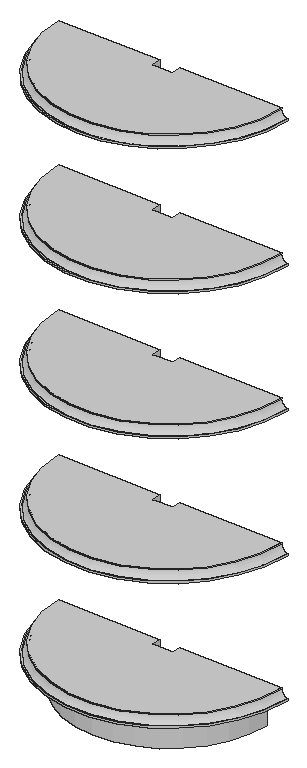
Revit family "RS3", category Specialty Equipment, Revit 2012
Parameters (values of type "Round Metal Shelf (Default)")
  Width = 1' - 2"
  URL = "http://www.madixinc.com/display/maxiline/ygondola/index.html"
  Model = "Y-Gondola"
  Manufacturer = "© 2012 Madix, Inc. All rights reserved."
  Base Shelf [instance] = yes
  2' Shelf [instance] = yes
  3' 6" Shelf [instance] = yes
  5' Shelf [instance] = yes
  6' 6" Shelf [instance] = yes
Reference planes (in)
  plane 1 "Center (Front/Back)": y = 0
  plane 2: z = 0
  plane 3 "Center (Left/Right)": x = 0
  plane 4: x = -16.25
  plane 5: x = 16.25
  plane 6: x = -13.375
  plane 7: x = 13.375
  plane 8: z = 5.5
  plane 9: z = 4.125
  plane 10: x = -15.375
  plane 11: x = 15.375
  plane 12: z = 23.5
  plane 13: z = 41.5
  plane 14: z = 59.5
  plane 15: z = 77.5
  plane 16: x = -1.375
  plane 17: z = 22.125
  plane 18: z = 40.125
  plane 19: z = 58.125
  plane 20: z = 76.125
Forms (in)
  Extrusion 1, solid, material "Metal - Steel", visible <- "Base Shelf"
    sketch origin (1.75, 0, 0) x (1, 0, 0) y (0, 1, 0)
      loop
        arc (-15.125, 0) -> (-1.75, -13.375) -> (11.625, 0) r 13.375
        line (11.625, 0) -> (-0.375, 0) -> (-0.375, -1.25) -> (-3.125, -1.25) -> (-3.125, 0) -> (-15.125, 0)
    from 0 to 4.125
  Extrusion 2, solid, material "Metal - Steel", visible <- "Base Shelf"
    sketch origin (0, 0, 0) x (1, 0, 0) y (0, 1, 0)
      loop
        arc (-15.25, 0) -> (0, -15.25) -> (15.25, 0) r 15.25
        line (15.25, 0) -> (1.375, 0) -> (1.375, -1.25) -> (-1.375, -1.25) -> (-1.375, 0) -> (-15.25, 0)
    from 4.125 to 5.5
  Extrusion 3, solid, material "Metal - Steel", visible <- "2' Shelf"
    sketch origin (0, 0, 0) x (1, 0, 0) y (0, 1, 0)
      loop
        line (15.25, 0) -> (1.375, 0) -> (1.375, -1.25) -> (-1.375, -1.25) -> (-1.375, 0) -> (-15.25, 0)
        arc (-15.25, 0) -> (0, -15.25) -> (15.25, 0) r 15.25
    from 22.125 to 23.5
  Extrusion 4, solid, material "Metal - Steel", visible <- "3' 6" Shelf"
    sketch origin (0, 0, 0) x (1, 0, 0) y (0, 1, 0)
      loop
        arc (-15.25, 0) -> (0, -15.25) -> (15.25, 0) r 15.25
        line (15.25, 0) -> (1.375, 0) -> (1.375, -1.25) -> (-1.375, -1.25) -> (-1.375, 0) -> (-15.25, 0)
    from 40.125 to 41.5
  Extrusion 5, solid, material "Metal - Steel", visible <- "5' Shelf"
    sketch origin (0, 0, 0) x (1, 0, 0) y (0, 1, 0)
      loop
        line (15.25, 0) -> (1.375, 0) -> (1.375, -1.25) -> (-1.375, -1.25) -> (-1.375, 0) -> (-15.25, 0)
        arc (-15.25, 0) -> (0, -15.25) -> (15.25, 0) r 15.25
    from 58.125 to 59.5
  Extrusion 6, solid, material "Metal - Steel", visible <- "6' 6" Shelf"
    sketch origin (0, 0, 0) x (1, 0, 0) y (0, 1, 0)
      loop
        line (15.25, 0) -> (1.375, 0) -> (1.375, -1.25) -> (-1.375, -1.25) -> (-1.375, 0) -> (-15.25, 0)
        arc (-15.25, 0) -> (0, -15.25) -> (15.25, 0) r 15.25
    from 76.125 to 77.5
  Sweep 7, solid, material "Metal - Steel", visible <- "Base Shelf"
    path in 3D
      loop
        arc (15.25, 0, 5.5) -> (0, -15.25, 5.5) -> (-15.25, 0, 5.5) r 15.25
    profile origin (0, -15.25, 5.5) x (0, -1, 0) y (0, 0, 1)
      loop
        line (0, 0) -> (0, -1.375) -> (1, -1.375) -> (1, -1.125) -> (0.875, -1.125) -> (0.875, -1.25)
        arc (0.875, -1.25) -> (0.38696, -0.76286) -> (0.125, -0.125) r 1.75
        line (0.125, -0.125) -> (0.25, -0.125) -> (0.25, 0) -> (0, 0)
  Sweep 8, solid, material "Metal - Steel", visible <- "2' Shelf"
    path in 3D
      loop
        arc (15.25, 0, 23.5) -> (0, -15.25, 23.5) -> (-15.25, 0, 23.5) r 15.25
    profile origin (0, -15.25, 23.5) x (0, -1, 0) y (0, 0, 1)
      loop
        line (0.25, 0) -> (0, 0) -> (0, -1.375) -> (1, -1.375) -> (1, -1.125) -> (0.875, -1.125) -> (0.875, -1.25)
        arc (0.875, -1.25) -> (0.38696, -0.76286) -> (0.125, -0.125) r 1.75
        line (0.125, -0.125) -> (0.25, -0.125) -> (0.25, 0)
  Sweep 9, solid, material "Metal - Steel", visible <- "3' 6" Shelf"
    path in 3D
      loop
        arc (15.25, 0, 41.5) -> (0, -15.25, 41.5) -> (-15.25, 0, 41.5) r 15.25
    profile origin (0, -15.25, 41.5) x (0, -1, 0) y (0, 0, 1)
      loop
        line (0.125, -0.125) -> (0.25, -0.125) -> (0.25, 0) -> (0, 0) -> (0, -1.375) -> (1, -1.375) -> (1, -1.125) -> (0.875, -1.125) -> (0.875, -1.25)
        arc (0.875, -1.25) -> (0.38696, -0.76286) -> (0.125, -0.125) r 1.75
  Sweep 10, solid, material "Metal - Steel", visible <- "5' Shelf"
    path in 3D
      loop
        arc (15.25, 0, 59.5) -> (0, -15.25, 59.5) -> (-15.25, 0, 59.5) r 15.25
    profile origin (0, -15.25, 59.5) x (0, -1, 0) y (0, 0, 1)
      loop
        line (0.125, -0.125) -> (0.25, -0.125) -> (0.25, 0) -> (0, 0) -> (0, -1.375) -> (1, -1.375) -> (1, -1.125) -> (0.875, -1.125) -> (0.875, -1.25)
        arc (0.875, -1.25) -> (0.38696, -0.76286) -> (0.125, -0.125) r 1.75
  Sweep 11, solid, material "Metal - Steel", visible <- "6' 6" Shelf"
    path in 3D
      loop
        arc (15.25, 0, 77.5) -> (0, -15.25, 77.5) -> (-15.25, 0, 77.5) r 15.25
    profile origin (0, -15.25, 77.5) x (0, -1, 0) y (0, 0, 1)
      loop
        line (0.125, -0.125) -> (0.25, -0.125) -> (0.25, 0) -> (0, 0) -> (0, -1.375) -> (1, -1.375) -> (1, -1.125) -> (0.875, -1.125) -> (0.875, -1.25)
        arc (0.875, -1.25) -> (0.38696, -0.76286) -> (0.125, -0.125) r 1.75
Cuts and joins
  joined: Extrusion 1, Extrusion 2, Sweep 7
  joined: Extrusion 3, Sweep 8
  joined: Extrusion 4, Sweep 9
  joined: Extrusion 5, Sweep 10
  joined: Extrusion 6, Sweep 11
Lines and regions (in)
  sketch lines
    curve 1: arc (15.25, 0, 5.5) -> (0, -15.25, 5.5) -> (-15.25, 0, 5.5) r 15.25
    curve 2: arc (15.25, 0, 23.5) -> (0, -15.25, 23.5) -> (-15.25, 0, 23.5) r 15.25
    curve 3: arc (15.25, 0, 41.5) -> (0, -15.25, 41.5) -> (-15.25, 0, 41.5) r 15.25
    curve 4: arc (15.25, 0, 59.5) -> (0, -15.25, 59.5) -> (-15.25, 0, 59.5) r 15.25
    curve 5: arc (15.25, 0, 77.5) -> (0, -15.25, 77.5) -> (-15.25, 0, 77.5) r 15.25
Dimensions and locks (in)
  equal spacing: plane 4, plane 3 "Center (Left/Right)", plane 5
  "Width": plane 10 to plane 16
  locked: plane 4 to plane 6 at 2.875
  locked: plane 7 to plane 5 at 2.875
  locked: plane 4 to plane 10 at 0.875
  locked: plane 11 to plane 5 at 0.875
  locked: plane 16 to plane 3 "Center (Left/Right)" at 1.375
  aligned and locked: level to plane 2
  aligned and locked: plane 6 to Extrusion 1
  aligned and locked: plane 7 to Extrusion 1
  aligned and locked: plane 16 to Extrusion 1
Automatic sketch dimensions
  Extrusion 1 sketch curve to plane 3 "Center (Left/Right)" = 0' - 0"
  Extrusion 1 sketch curve to plane 3 "Center (Left/Right)" = 0' - 1 3/8"
  plane 3 "Center (Left/Right)" to Extrusion 1 sketch curve = 0' - 1 3/8"
  Extrusion 1 sketch curve to Extrusion 1 sketch curve = 0' - 1 1/4"
  plane 1 "Center (Front/Back)" to Extrusion 1 sketch curve = 0' - 0"
  plane 4 to Extrusion 1 sketch curve = 0' - 2 7/8"
  plane 1 "Center (Front/Back)" to Extrusion 2 sketch curve = 0' - 0"  (x2)
  Extrusion 2 sketch curve to plane 3 "Center (Left/Right)" = 0' - 0"
  Extrusion 2 sketch curve to plane 3 "Center (Left/Right)" = 0' - 1 3/8"
  plane 4 to Extrusion 2 sketch curve = 0' - 1"
  plane 3 "Center (Left/Right)" to Extrusion 2 sketch curve = 0' - 1 3/8"
  Extrusion 2 sketch curve to Extrusion 2 sketch curve = 0' - 1 1/4"
  Extrusion 3 sketch curve to plane 16 = 0' - 0"
  Extrusion 3 sketch curve to plane 3 "Center (Left/Right)" = 0' - 0"
  plane 1 "Center (Front/Back)" to Extrusion 3 sketch curve = 0' - 0"
  plane 10 to Extrusion 3 sketch curve = 0' - 0 1/8"
  plane 3 "Center (Left/Right)" to Extrusion 3 sketch curve = 0' - 1 3/8"
  Extrusion 3 sketch curve to Extrusion 3 sketch curve = 0' - 1 1/4"
  plane 1 "Center (Front/Back)" to Extrusion 4 sketch curve = 0' - 0"
  Extrusion 4 sketch curve to plane 16 = 0' - 0"
  Extrusion 4 sketch curve to plane 3 "Center (Left/Right)" = 0' - 0"
  plane 10 to Extrusion 4 sketch curve = 0' - 0 1/8"
  plane 3 "Center (Left/Right)" to Extrusion 4 sketch curve = 0' - 1 3/8"
  Extrusion 4 sketch curve to Extrusion 4 sketch curve = 0' - 1 1/4"
  Extrusion 5 sketch curve to plane 16 = 0' - 0"
  Extrusion 5 sketch curve to plane 3 "Center (Left/Right)" = 0' - 0"
  plane 1 "Center (Front/Back)" to Extrusion 5 sketch curve = 0' - 0"
  plane 10 to Extrusion 5 sketch curve = 0' - 0 1/8"
  plane 3 "Center (Left/Right)" to Extrusion 5 sketch curve = 0' - 1 3/8"
  Extrusion 5 sketch curve to Extrusion 5 sketch curve = 0' - 1 1/4"
  Extrusion 6 sketch curve to plane 16 = 0' - 0"
  Extrusion 6 sketch curve to plane 3 "Center (Left/Right)" = 0' - 0"
  plane 1 "Center (Front/Back)" to Extrusion 6 sketch curve = 0' - 0"
  plane 10 to Extrusion 6 sketch curve = 0' - 0 1/8"
  plane 3 "Center (Left/Right)" to Extrusion 6 sketch curve = 0' - 1 3/8"
  Extrusion 6 sketch curve to Extrusion 6 sketch curve = 0' - 1 1/4"
  Sweep 7 sketch curve to profile plane = 0' - 0"  (x2)
  Sweep 7 sketch curve to profile plane = 0' - 0 1/8"  (x2)
  Sweep 7 sketch curve to Sweep 7 sketch curve = 0' - 0 1/8"  (x4)
  Sweep 7 sketch curve to profile plane = 0' - 0 7/8"
  profile plane to Sweep 7 sketch curve = 0' - 0.20787"
  Sweep 7 sketch curve to Sweep 7 sketch curve = 0' - 0.84305"
  Sweep 8 sketch curve to profile plane = 0' - 0"
  Sweep 8 sketch curve to profile plane = 0' - 0 1/8"
  Sweep 8 sketch curve to Sweep 8 sketch curve = 0' - 0 1/8"  (x5)
  Sweep 8 sketch curve to profile plane = 0' - 0 7/8"
  Sweep 8 sketch curve to Sweep 8 sketch curve = 0' - 0.84305"
  Sweep 8 sketch curve to profile plane = 0' - 1 3/8"
  Sweep 8 sketch curve to Sweep 8 sketch curve = 0' - 1"
  Sweep 9 sketch curve to profile plane = 0' - 0"
  Sweep 9 sketch curve to profile plane = 0' - 0 1/8"
  Sweep 9 sketch curve to Sweep 9 sketch curve = 0' - 0 1/8"  (x5)
  Sweep 9 sketch curve to profile plane = 0' - 0 7/8"
  Sweep 9 sketch curve to Sweep 9 sketch curve = 0' - 0.84305"
  Sweep 9 sketch curve to profile plane = 0' - 1 3/8"
  Sweep 9 sketch curve to Sweep 9 sketch curve = 0' - 1"
  Sweep 10 sketch curve to profile plane = 0' - 0"
  Sweep 10 sketch curve to profile plane = 0' - 0 1/8"
  Sweep 10 sketch curve to Sweep 10 sketch curve = 0' - 0 1/8"  (x5)
  Sweep 10 sketch curve to profile plane = 0' - 0 7/8"
  Sweep 10 sketch curve to Sweep 10 sketch curve = 0' - 0.84305"
  Sweep 10 sketch curve to profile plane = 0' - 1 3/8"
  Sweep 10 sketch curve to Sweep 10 sketch curve = 0' - 1"
  Sweep 11 sketch curve to profile plane = 0' - 0"
  Sweep 11 sketch curve to profile plane = 0' - 0 1/8"
  Sweep 11 sketch curve to Sweep 11 sketch curve = 0' - 0 1/8"  (x5)
  Sweep 11 sketch curve to profile plane = 0' - 0 7/8"
  Sweep 11 sketch curve to Sweep 11 sketch curve = 0' - 0.84305"
  Sweep 11 sketch curve to profile plane = 0' - 1 3/8"
  Sweep 11 sketch curve to Sweep 11 sketch curve = 0' - 1"
